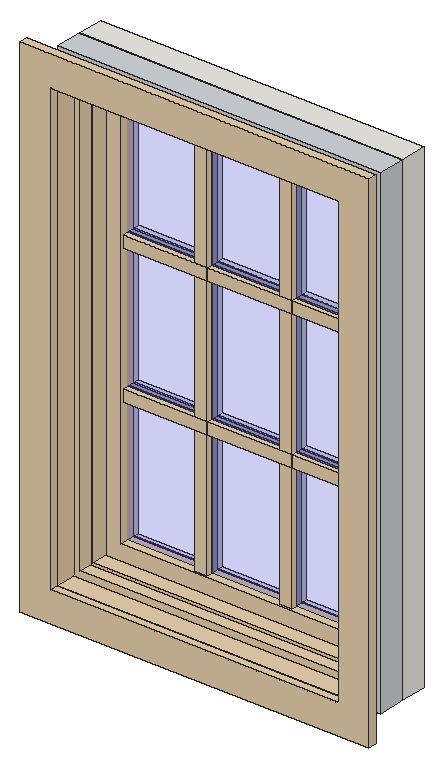
Revit family "Window-Casement_Fixed-Andersen-E_Series 2", category Windows, host Wall, Revit 2013 (continued)
Dimensions and locks (in)
  aligned and locked: plane 8 "L Glazing" to Extrusion 10 sketch curve
  aligned and locked: Extrusion 10 sketch curve to plane 18 "R Glazing"
  aligned and locked: plane 50 "Glass1 S1" to Extrusion 10
  aligned and locked: Extrusion 10 to plane 53 "Glass1 S4"
  aligned and locked: plane 17 "L Casing 4" to curve 44
  aligned and locked: curve 44 to plane 49 "Flange"
  aligned and locked: plane 27 "R Casing 4" to curve 45
  aligned and locked: curve 45 to plane 49 "Flange"
  aligned and locked: plane 37 "T Casing 4" to curve 46
  aligned and locked: plane 49 "Flange" to curve 46
  aligned and locked: plane 43 "B Casing 2" to curve 47
  aligned and locked: curve 47 to plane 49 "Flange"
  aligned and locked: nested 1 to plane 29 "T Glazing"
  aligned and locked: nested 1 to plane 3 "Center (Left/Right)"
  aligned and locked: plane 8 "L Glazing" to nested 2
  aligned and locked: nested 3 to plane 29 "T Glazing"
  aligned and locked: plane 8 "L Glazing" to nested 4
  aligned and locked: nested 5 to plane 29 "T Glazing"
  aligned and locked: plane 8 "L Glazing" to nested 6
  aligned and locked: plane 8 "L Glazing" to nested 7
  aligned and locked: Extrusion 5 sketch curve to plane 49 "Flange"
  aligned and locked: host wall to Masking region 11 sketch curve
  aligned and locked: plane 4 "R Frame" to Masking region 11 sketch curve
  aligned and locked: Masking region 11 sketch curve to plane 5 "L Frame"
  aligned and locked: plane 57 "Exterior Offset" to Masking region 11 sketch curve
  aligned and locked: plane 27 "R Casing 4" to Masking region 11 sketch curve
  aligned and locked: Masking region 11 sketch curve to plane 17 "L Casing 4"
  aligned and locked: plane 39 "B Glazing" to Extrusion 8 sketch curve
  aligned and locked: plane 66 "Sash1 S1" to curve 15
  aligned and locked: plane 66 "Sash1 S1" to Extrusion 9
  aligned and locked: plane 47 "Casing S2" to curve 6
  aligned and locked: plane 46 "Casing S1" to curve 42
  aligned and locked: host wall to curve 19
  aligned and locked: plane 7 "T Frame" to Extrusion 11 sketch curve
  aligned and locked: Extrusion 11 sketch curve to plane 4 "R Frame"
  aligned and locked: Extrusion 11 sketch curve to plane 6 "B Frame"
  aligned and locked: plane 5 "L Frame" to Extrusion 11 sketch curve
  aligned and locked: plane 30 "T Ext Frame" to Extrusion 11 sketch curve
  aligned and locked: Extrusion 11 sketch curve to plane 19 "R Ext Frame"
  aligned and locked: plane 9 "L Ext Frame" to Extrusion 11 sketch curve
  aligned and locked: Extrusion 11 sketch curve to plane 40 "B Ext Frame"
  aligned and locked: plane 48 "Frame S1" to Extrusion 11
  aligned and locked: Extrusion 10 sketch curve to plane 39 "B Glazing"
  aligned and locked: plane 39 "B Glazing" to curve 28
  aligned and locked: plane 39 "B Glazing" to curve 27
  aligned and locked: plane 39 "B Glazing" to curve 29
  aligned and locked: plane 39 "B Glazing" to curve 26
  aligned and locked: plane 39 "B Glazing" to Extrusion 9 sketch curve
  aligned and locked: plane 49 "Flange" to curve 48
  aligned and locked: curve 86 to plane 49 "Flange"
  aligned and locked: curve 19 to plane 20 "R Stop"
  aligned and locked: plane 68 "L Sash" to curve 18
  aligned and locked: plane 55 "Frame S2" to Masking region 1 sketch curve
  aligned and locked: plane 69 "Stop S1" to curve 106
  aligned and locked: plane 69 "Stop S1" to curve 105
  aligned and locked: Masking region 1 sketch curve to plane 55 "Frame S2"
  aligned and locked: plane 49 "Flange" to curve 144
  aligned and locked: plane 69 "Stop S1" to Masking region 4 sketch curve
  aligned and locked: plane 55 "Frame S2" to Masking region 4 sketch curve
  aligned and locked: Masking region 4 sketch curve to plane 55 "Frame S2"
  aligned and locked: plane 71 "T Sash" to Extrusion 9 sketch curve
  aligned and locked: plane 68 "L Sash" to Extrusion 9 sketch curve
  aligned and locked: Extrusion 9 sketch curve to plane 67 "R Sash"
  aligned and locked: plane 70 "B Sash" to Extrusion 9 sketch curve
  aligned and locked: Extrusion 8 sketch curve to plane 71 "T Sash"
  aligned and locked: Extrusion 8 sketch curve to plane 68 "L Sash"
  aligned and locked: plane 67 "R Sash" to Extrusion 8 sketch curve
  aligned and locked: plane 70 "B Sash" to Extrusion 8 sketch curve
  aligned and locked: Extrusion 11 to plane 54 "Sash1 S2"
  aligned and locked: plane 72 "T Int Frame" to Extrusion 12 sketch curve
  aligned and locked: plane 74 "L Int Frame" to Extrusion 12 sketch curve
  aligned and locked: Extrusion 12 sketch curve to plane 75 "R Int Frame"
  aligned and locked: Extrusion 12 sketch curve to plane 73 "B Int Frame"
  aligned and locked: Extrusion 12 sketch curve to plane 6 "B Frame"
  aligned and locked: Extrusion 12 sketch curve to plane 4 "R Frame"
  aligned and locked: plane 7 "T Frame" to Extrusion 12 sketch curve
  aligned and locked: plane 5 "L Frame" to Extrusion 12 sketch curve
  aligned and locked: plane 54 "Sash1 S2" to Extrusion 12
  aligned and locked: Extrusion 12 to plane 55 "Frame S2"
  aligned and locked: Masking region 1 sketch curve to plane 75 "R Int Frame"
  aligned and locked: Masking region 1 sketch curve to plane 74 "L Int Frame"
  aligned and locked: plane 7 "T Frame" to Sweep 13 sketch curve
  aligned and locked: plane 5 "L Frame" to Sweep 13 sketch curve
  aligned and locked: Sweep 13 sketch curve to plane 6 "B Frame"
  aligned and locked: Sweep 13 sketch curve to plane 4 "R Frame"
  aligned and locked: Sweep 13 sketch curve to plane 55 "Frame S2"
  aligned and locked: plane 65 "Xjamb S1" to Extrusion 3
  aligned and locked: host wall to Extrusion 3
  aligned and locked: Masking region 4 sketch curve to plane 72 "T Int Frame"
  aligned and locked: Masking region 4 sketch curve to plane 73 "B Int Frame"
  aligned and locked: plane 18 "R Glazing" to curve 56
  aligned and locked: plane 8 "L Glazing" to curve 94
  aligned and locked: plane 76 "T Stop" to curve 38
  aligned and locked: plane 10 "L Stop" to curve 41
  aligned and locked: curve 40 to plane 77 "B Stop"
  aligned and locked: curve 39 to plane 20 "R Stop"
  aligned and locked: plane 72 "T Int Frame" to curve 146
  aligned and locked: curve 147 to plane 75 "R Int Frame"
  aligned and locked: plane 74 "L Int Frame" to curve 149
  aligned and locked: curve 148 to plane 73 "B Int Frame"
  aligned and locked: curve 32 to plane 70 "B Sash"
  aligned and locked: plane 68 "L Sash" to curve 31
  aligned and locked: plane 71 "T Sash" to curve 30
  aligned and locked: curve 33 to plane 67 "R Sash"
  aligned and locked: plane 29 "T Glazing" to curve 142
  aligned and locked: plane 4 "R Frame" to curve 156
  aligned and locked: plane 5 "L Frame" to curve 156
  aligned and locked: host wall to curve 156
  aligned and locked: Masking region 12 sketch curve to plane 65 "Xjamb S1"  (x2)
  aligned and locked: Masking region 12 sketch curve to Sweep 13  (x3)
  aligned and locked: Masking region 12 sketch curve to plane 72 "T Int Frame"
  aligned and locked: Masking region 12 sketch curve to plane 69 "Stop S1"
  aligned and locked: plane 73 "B Int Frame" to Masking region 12 sketch curve
  aligned and locked: Masking region 13 sketch curve to plane 33 "T Xjamb 2"
  aligned and locked: plane 65 "Xjamb S1" to Masking region 13 sketch curve  (x2)
  aligned and locked: plane 72 "T Int Frame" to Masking region 13 sketch curve
  aligned and locked: plane 69 "Stop S1" to Masking region 13 sketch curve
  aligned and locked: Masking region 13 sketch curve to plane 73 "B Int Frame"
  aligned and locked: plane 41 "B Xjamb 2" to Masking region 13 sketch curve
  aligned and locked: host wall to Masking region 13 sketch curve
  aligned and locked: host wall to Masking region 14 sketch curve
  aligned and locked: Masking region 14 sketch curve to plane 44 "B Int Casing"
  aligned and locked: plane 58 "Interior Casing" to Masking region 14 sketch curve
  aligned and locked: plane 38 "T Int Casing" to Masking region 14 sketch curve
  aligned and locked: plane 65 "Xjamb S1" to curve 160
  aligned and locked: Sweep 13 to curve 160
  aligned and locked: plane 73 "B Int Frame" to curve 160
  aligned and locked: plane 65 "Xjamb S1" to curve 161
  aligned and locked: host wall to curve 161
  aligned and locked: plane 56 "B Xjamb 1" to curve 161
  aligned and locked: plane 58 "Interior Casing" to curve 162
  aligned and locked: plane 56 "B Xjamb 1" to curve 162
  aligned and locked: plane 65 "Xjamb S1" to curve 157
  aligned and locked: Sweep 13 to curve 157
  aligned and locked: plane 72 "T Int Frame" to curve 157
  aligned and locked: plane 65 "Xjamb S1" to curve 158
  aligned and locked: host wall to curve 158
  aligned and locked: plane 31 "T Xjamb 1" to curve 158
  aligned and locked: plane 58 "Interior Casing" to curve 159
  aligned and locked: plane 31 "T Xjamb 1" to curve 159
  aligned and locked: Masking region 15 sketch curve to plane 65 "Xjamb S1"  (x2)
  aligned and locked: plane 75 "R Int Frame" to Masking region 15 sketch curve
  aligned and locked: Masking region 15 sketch curve to plane 69 "Stop S1"
  aligned and locked: Masking region 15 sketch curve to plane 74 "L Int Frame"
  aligned and locked: Masking region 15 sketch curve to Sweep 13  (x3)
  aligned and locked: Masking region 16 sketch curve to plane 65 "Xjamb S1"  (x2)
  aligned and locked: plane 75 "R Int Frame" to Masking region 16 sketch curve
  aligned and locked: Masking region 16 sketch curve to plane 69 "Stop S1"
  aligned and locked: Masking region 16 sketch curve to plane 74 "L Int Frame"
  aligned and locked: plane 13 "L Xjamb 2" to Masking region 16 sketch curve
  aligned and locked: Masking region 16 sketch curve to host wall
  aligned and locked: Masking region 16 sketch curve to plane 23 "R Xjamb 2"
  aligned and locked: host wall to Masking region 17 sketch curve
  aligned and locked: plane 45 "L Int Casing" to Masking region 17 sketch curve
  aligned and locked: plane 58 "Interior Casing" to Masking region 17 sketch curve
  aligned and locked: Masking region 17 sketch curve to plane 28 "R Int Casing"
  aligned and locked: plane 65 "Xjamb S1" to curve 166
  aligned and locked: Sweep 13 to curve 166
  aligned and locked: plane 74 "L Int Frame" to curve 166
  aligned and locked: plane 65 "Xjamb S1" to curve 167
  aligned and locked: host wall to curve 167
  aligned and locked: plane 11 "L Xjamb 1" to curve 167
  aligned and locked: plane 58 "Interior Casing" to curve 168
  aligned and locked: plane 11 "L Xjamb 1" to curve 168
  aligned and locked: plane 65 "Xjamb S1" to curve 163
  aligned and locked: Sweep 13 to curve 163
  aligned and locked: plane 75 "R Int Frame" to curve 163
  aligned and locked: plane 65 "Xjamb S1" to curve 164
  aligned and locked: host wall to curve 164
  aligned and locked: plane 21 "R Xjamb 1" to curve 164
  aligned and locked: plane 58 "Interior Casing" to curve 165
  aligned and locked: plane 21 "R Xjamb 1" to curve 165
  aligned and locked: Sweep 14 sketch curve to plane 7 "T Frame"
  aligned and locked: Sweep 14 sketch curve to plane 5 "L Frame"
  aligned and locked: plane 4 "R Frame" to Sweep 14 sketch curve
  aligned and locked: plane 6 "B Frame" to Sweep 14 sketch curve
  aligned and locked: plane 54 "Sash1 S2" to Sweep 14 sketch curve
  aligned and locked: Sweep 14 sketch curve to plane 74 "L Int Frame"
  aligned and locked: Sweep 14 sketch curve to plane 69 "Stop S1"
  aligned and locked: plane 10 "L Stop" to Sweep 14 sketch curve
  aligned and locked: Sweep 14 sketch curve to curve 154
  aligned and locked: Sweep 14 sketch curve to curve 155
  aligned and locked: plane 10 "L Stop" to curve 17
  aligned and locked: plane 66 "Sash1 S1" to curve 14
  aligned and locked: plane 20 "R Stop" to curve 13
  aligned and locked: plane 6 "B Frame" to curve 145
  aligned and locked: plane 49 "Flange" to curve 145
Automatic sketch dimensions
  curve 42 to curve 42 = 0' - 0 3/8"
  curve 13 to curve 13 = 0' - 1 3/32"
  curve 51 to curve 53 = 0' - 0.15639"
  curve 53 to curve 151 = 0' - 0.99975"
  curve 150 to curve 150 = 0' - 0.18621"
  curve 50 to curve 58 = 0' - 0.47054"
  curve 57 to curve 55 = 0' - 0.35925"
  curve 61 to curve 60 = 0' - 0.53631"
  curve 76 to curve 77 = 0' - 0.26575"
  curve 60 to curve 59 = 0' - 0.08869"
  curve 48 to curve 51 = 0' - 2.09516"
  curve 48 to curve 51 = 0' - 0.59516"
  curve 51 to curve 54 = 0' - 0.18874"
  curve 52 to curve 50 = 0' - 0 5/8"
  curve 82 to curve 59 = 0' - 0.12475"
  curve 82 to curve 80 = 0' - 0.12475"
  curve 82 to curve 81 = 0' - 0.12475"
  curve 50 to curve 52 = 0' - 1.19075"
  curve 52 to curve 61 = 0' - 0.07999"
  curve 60 to curve 60 = 0' - 0.50301"
  curve 59 to curve 58 = 0' - 0 5/8"
  curve 56 to curve 77 = 0' - 0.13662"
  curve 56 to curve 76 = 0' - 0.13987"
  curve 52 to curve 51 = 0' - 1.4575"
  curve 53 to curve 54 = 0' - 0 1/8"
  curve 151 to curve 150 = 0' - 1"
  curve 49 to curve 151 = 0' - 0"
  curve 59 to curve 82 = 0' - 0 1/8"
  curve 48 to curve 51 = 0' - 0.58075"
  curve 80 to curve 56 = 0' - 0 1/8"
  curve 54 to curve 51 = 0' - 0.35675"
  curve 65 to curve 67 = 0' - 0.15639"
  curve 67 to curve 153 = 0' - 0.99975"
  curve 152 to curve 152 = 0' - 0.18621"
  curve 64 to curve 72 = 0' - 0.47054"
  curve 71 to curve 69 = 0' - 0.35925"
  curve 75 to curve 74 = 0' - 0.53631"
  curve 78 to curve 79 = 0' - 0.26575"
  curve 74 to curve 73 = 0' - 0.08869"
  curve 62 to curve 65 = 0' - 2.09516"
  curve 62 to curve 65 = 0' - 0.59516"
  curve 65 to curve 68 = 0' - 0.18874"
  curve 66 to curve 64 = 0' - 0 5/8"
  curve 85 to curve 73 = 0' - 0.12475"
  curve 85 to curve 83 = 0' - 0.12475"
  curve 85 to curve 84 = 0' - 0.12475"
  curve 64 to curve 66 = 0' - 1.19075"
  curve 66 to curve 75 = 0' - 0.07999"
  curve 74 to curve 74 = 0' - 0.50301"
  curve 73 to curve 72 = 0' - 0 5/8"
  curve 70 to curve 79 = 0' - 0.13662"
  curve 70 to curve 78 = 0' - 0.13987"
  curve 66 to curve 65 = 0' - 1.4575"
  curve 67 to curve 68 = 0' - 0 1/8"
  curve 153 to curve 152 = 0' - 1"
  curve 63 to curve 153 = 0' - 0"
  curve 73 to curve 85 = 0' - 0 1/8"
  curve 62 to curve 65 = 0' - 0.58075"
  curve 83 to curve 70 = 0' - 0 1/8"
  curve 68 to curve 65 = 0' - 0.35675"
  curve 89 to curve 91 = 0' - 0.15639"
  curve 91 to curve 155 = 0' - 0.99975"
  curve 154 to curve 154 = 0' - 0.18621"
  curve 88 to curve 96 = 0' - 0.47054"
  curve 95 to curve 93 = 0' - 0.35925"
  curve 99 to curve 98 = 0' - 0.53631"
  curve 100 to curve 101 = 0' - 0.26575"
  curve 98 to curve 97 = 0' - 0.08869"
  curve 86 to curve 89 = 0' - 2.09516"
  curve 86 to curve 89 = 0' - 0.59516"
  curve 89 to curve 92 = 0' - 0.18874"
  curve 90 to curve 88 = 0' - 0 5/8"
  curve 104 to curve 97 = 0' - 0.12475"
  curve 104 to curve 102 = 0' - 0.12475"
  curve 104 to curve 103 = 0' - 0.12475"
  curve 90 to curve 88 = 0' - 1.19075"
  curve 99 to curve 90 = 0' - 0.07999"
  curve 98 to curve 98 = 0' - 0.50301"
  curve 96 to curve 97 = 0' - 0 5/8"
  curve 101 to curve 94 = 0' - 0.13662"
  curve 100 to curve 94 = 0' - 0.13987"
  curve 89 to curve 90 = 0' - 1.4575"
  curve 92 to curve 91 = 0' - 0 1/8"
  curve 154 to curve 155 = 0' - 1"
  curve 87 to curve 155 = 0' - 0"
  curve 104 to curve 97 = 0' - 0 1/8"
  curve 89 to curve 86 = 0' - 0.58075"
  curve 94 to curve 102 = 0' - 0 1/8"
  curve 89 to curve 92 = 0' - 0.35675"
  curve 169 to curve 108 = 0' - 1.19075"
  curve 110 to curve 136 = 0' - 0.09099"
  curve 135 to curve 135 = 0' - 0.49201"
  curve 112 to curve 142 = 0' - 0 5/8"
  curve 142 to curve 142 = 0' - 0.14199"
  curve 108 to curve 115 = 0' - 1.4575"
  curve 141 to curve 141 = 0' - 0.1455"
  curve 140 to curve 113 = 0' - 0.08701"
  curve 169 to curve 169 = 0' - 0.9995"
  curve 108 to curve 169 = 0' - 0"
  curve 112 to curve 138 = 0' - 0 1/8"
  curve 144 to curve 107 = 0' - 0.58025"
  curve 139 to curve 142 = 0' - 0 1/8"
  curve 113 to curve 107 = 0' - 0.35725"
  curve 135 to curve 142 = 0' - 0"
  curve 112 to curve 135 = 0' - 0.08675"
  curve 141 to curve 140 = 0' - 0.27644"
  curve 135 to curve 111 = 0' - 0.54869"
  curve 110 to curve 170 = 0' - 0.70831"
  curve 110 to curve 110 = 0' - 1.08331"
  curve 108 to curve 113 = 0' - 0 9/16"
  curve 114 to curve 115 = 0' - 0.15451"
  curve 137 to curve 142 = 0' - 0"
  curve 112 to curve 138 = 0' - 0"
  curve 137 to curve 139 = 0' - 0.13544"
  curve 110 to curve 109 = 0' - 0.52131"
  curve 113 to curve 107 = 0' - 0.18689"
  curve 107 to curve 144 = 0' - 0.59549"
  curve 144 to curve 144 = 0' - 1 5/8"
  curve 106 to plane 20 "R Stop" = 0' - 0"
  curve 105 to plane 10 "L Stop" = 0' - 0"
  curve 106 to plane 54 "Sash1 S2" = 0' - 0"
  curve 116 to curve 120 = 0' - 1.18575"
  curve 120 to curve 127 = 0' - 0.07999"
  curve 126 to curve 127 = 0' - 0.50301"
  curve 125 to curve 131 = 0' - 0 5/8"
  curve 131 to curve 132 = 0' - 0.13649"
  curve 120 to curve 119 = 0' - 1.4575"
  curve 132 to curve 134 = 0' - 0.14"
  curve 133 to curve 134 = 0' - 0.09801"
  curve 171 to curve 117 = 0' - 1.0045"
  curve 118 to curve 171 = 0' - 0"
  curve 125 to curve 129 = 0' - 0 1/8"
  curve 128 to curve 131 = 0' - 0 1/8"
  curve 122 to curve 119 = 0' - 0.35725"
  curve 119 to curve 123 = 0' - 0.15426"
  curve 123 to curve 117 = 0' - 0.93775"
  curve 117 to curve 116 = 0' - 0 3/16"
  curve 116 to curve 121 = 0' - 0 17/32"
  curve 121 to curve 133 = 0' - 0.359"
  curve 126 to curve 127 = 0' - 0.53631"
  curve 133 to curve 133 = 0' - 0.266"
  curve 126 to curve 125 = 0' - 0.08869"
  curve 145 to curve 119 = 0' - 2.22049"
  curve 145 to curve 119 = 0' - 0.59549"
  curve 119 to curve 122 = 0' - 0.18664"
  curve 130 to curve 131 = 0' - 0 1/8"
  curve 130 to curve 128 = 0' - 0 1/8"
  curve 125 to curve 129 = 0' - 0"
  curve 120 to curve 116 = 0' - 0 9/16"
  curve 145 to curve 119 = 0' - 0.58025"
  curve 172 to curve 176 = 0' - 1.18575"
  curve 176 to curve 183 = 0' - 0.07999"
  curve 182 to curve 183 = 0' - 0.50301"
  curve 181 to curve 187 = 0' - 0 5/8"
  curve 187 to curve 188 = 0' - 0.13649"
  curve 176 to curve 175 = 0' - 1.4575"
  curve 188 to curve 190 = 0' - 0.14"
  curve 189 to curve 190 = 0' - 0.09801"
  curve 192 to curve 173 = 0' - 1.0045"
  curve 174 to curve 192 = 0' - 0"
  curve 181 to curve 185 = 0' - 0 1/8"
  curve 184 to curve 187 = 0' - 0 1/8"
  curve 178 to curve 175 = 0' - 0.35725"
  curve 175 to curve 179 = 0' - 0.15426"
  curve 179 to curve 173 = 0' - 0.93775"
  curve 173 to curve 172 = 0' - 0 3/16"
  curve 172 to curve 177 = 0' - 0 17/32"
  curve 177 to curve 189 = 0' - 0.359"
  curve 182 to curve 183 = 0' - 0.53631"
  curve 189 to curve 189 = 0' - 0.266"
  curve 182 to curve 181 = 0' - 0.08869"
  curve 191 to curve 175 = 0' - 2.22049"
  curve 191 to curve 175 = 0' - 0.59549"
  curve 175 to curve 178 = 0' - 0.18664"
  curve 186 to curve 187 = 0' - 0 1/8"
  curve 186 to curve 184 = 0' - 0 1/8"
  curve 181 to curve 185 = 0' - 0"
  curve 176 to curve 172 = 0' - 0 9/16"
  curve 191 to curve 175 = 0' - 0.58025"
  curve 212 to curve 194 = 0' - 1.19075"
  curve 196 to curve 203 = 0' - 0.09099"
  curve 202 to curve 202 = 0' - 0.49201"
  curve 198 to curve 209 = 0' - 0 5/8"
  curve 209 to curve 209 = 0' - 0.14199"
  curve 194 to curve 201 = 0' - 1.4575"
  curve 208 to curve 208 = 0' - 0.1455"
  curve 207 to curve 199 = 0' - 0.08701"
  curve 212 to curve 212 = 0' - 0.9995"
  curve 194 to curve 212 = 0' - 0"
  curve 198 to curve 205 = 0' - 0 1/8"
  curve 211 to curve 193 = 0' - 0.58025"
  curve 206 to curve 209 = 0' - 0 1/8"
  curve 199 to curve 193 = 0' - 0.35725"
  curve 202 to curve 209 = 0' - 0"
  curve 198 to curve 202 = 0' - 0.08675"
  curve 208 to curve 207 = 0' - 0.27644"
  curve 202 to curve 197 = 0' - 0.54869"
  curve 196 to curve 213 = 0' - 0.70831"
  curve 196 to curve 196 = 0' - 1.08331"
  curve 194 to curve 199 = 0' - 0 9/16"
  curve 200 to curve 201 = 0' - 0.15451"
  curve 204 to curve 209 = 0' - 0"
  curve 198 to curve 205 = 0' - 0"
  curve 204 to curve 206 = 0' - 0.13544"
  curve 196 to curve 195 = 0' - 0.52131"
  curve 199 to curve 193 = 0' - 0.18689"
  curve 193 to curve 211 = 0' - 0.59549"
  curve 211 to curve 211 = 0' - 1 5/8"
  curve 105 to plane 54 "Sash1 S2" = 0' - 0"
  curve 13 to plane 54 "Sash1 S2" = 0' - 0"
  curve 5 to plane 22 "R Casing 1" = 0' - 0"
  curve 14 to plane 48 "Frame S1" = 0' - 0"
  curve 6 to plane 48 "Frame S1" = 0' - 0"
  curve 42 to plane 4 "R Frame" = 0' - 0"
  curve 42 to plane 48 "Frame S1" = 0' - 0"
  curve 14 to plane 67 "R Sash" = 0' - 0"
  host wall to curve 20 = 0' - 0"
Nested families (in)
  nested 1: "Andersen Grille Bar" at (0, 1.89325, 64.25) x (-1, 0, 0) z (0, 1, 0), Center Line <- "Bar Center Line", Bar Length <- "TS V Bar Length", Bar Width <- "Grille Bar Size", visible <- "TS S V", type "Andersen Grille Bar"
    with Glass / 2 0' - 0 1/8", Glass 0' - 0 5/8", Center Line Length 2' - 5 15/16", Center Line 2, Bar Width 0' - 0 7/8", Bar Length 2' - 5 15/16"
  nested 2: "Andersen Grille Bar" at (0, 1.89325, 64.25) x (0, 0, -1) z (0, 1, 0), Bar Length <- "H DLO", visible <- "TS S H", Bar Width <- "Horizontal Craftsman Bar Size", type "Andersen Grille Bar"
    with Glass / 2 0' - 0 1/8", Glass 0' - 0 5/8", Center Line Length 1' - 5 15/16", Center Line 2, Bar Width 0' - 0 7/8", Bar Length 1' - 5 15/16"
  nested 3: "Andersen Grille Bar" at (3.13542, 1.89325, 64.25) x (-1, 0, 0) z (0, 1, 0), Center Line <- "Bar Center Line", Bar Length <- "TS V Bar Length", Bar Width <- "Grille Bar Size", visible <- "TS M V", type "Andersen Grille Bar"
    with Glass / 2 0' - 0 1/8", Glass 0' - 0 5/8", Center Line Length 2' - 5 15/16", Center Line 2, Bar Width 0' - 0 7/8", Bar Length 2' - 5 15/16"
  nested 4: "Andersen Grille Bar" at (0, 1.89325, 59.11458) x (0, 0, -1) z (0, 1, 0), Center Line <- "Bar Center Line", Bar Length <- "H DLO", visible <- "TS M H", Bar Width <- "Grille Bar Size", type "Andersen Grille Bar"
    with Glass / 2 0' - 0 1/8", Glass 0' - 0 5/8", Center Line Length 1' - 5 15/16", Center Line 2, Bar Width 0' - 0 7/8", Bar Length 1' - 5 15/16"
  nested 5: "Andersen Grille Bar" at (-3.13542, 1.89325, 64.25) x (-1, 0, 0) z (0, 1, 0), Center Line <- "Bar Center Line", Bar Length <- "TS V Bar Length", Bar Width <- "Grille Bar Size", visible <- "TS M V", type "Andersen Grille Bar"
    with Glass / 2 0' - 0 1/8", Glass 0' - 0 5/8", Center Line Length 2' - 5 15/16", Center Line 2, Bar Width 0' - 0 7/8", Bar Length 2' - 5 15/16"
  nested 6: "Andersen Grille Bar" at (0, 1.89325, 69.38542) x (0, 0, -1) z (0, 1, 0), Center Line <- "Bar Center Line", Bar Length <- "H DLO", visible <- "TS M H", Bar Width <- "Grille Bar Size", type "Andersen Grille Bar"
    with Glass / 2 0' - 0 1/8", Glass 0' - 0 5/8", Center Line Length 1' - 5 15/16", Center Line 2, Bar Width 0' - 0 7/8", Bar Length 1' - 5 15/16"
  nested 7: "Andersen Grille Bar" at (0, 1.89325, 64.25) x (0, 0, -1) z (0, 1, 0), Bar Length <- "H DLO", visible <- "TS S H Craftsman", Bar Width <- "Grille Bar Size", type "Andersen Grille Bar"
    with Glass / 2 0' - 0 1/8", Glass 0' - 0 5/8", Center Line Length 1' - 5 15/16", Center Line 2, Bar Width 0' - 0 7/8", Bar Length 1' - 5 15/16"
Definition of nested family "Andersen Grille Bar"
  Parameters (values of type "Andersen Grille Bar")
    Interior Bar Visibility = yes
    Interior Bar Material = none
    Glass / 2 [instance] = (Glass / 2) - 0' 0 3/16"  # 0' - 0 1/8"
    Glass [instance] = 0' - 0 5/8"
    Exterior Bar Visibility = yes
    Exterior Bar Finish = none
    Default Elevation = 4' - 0"
    Center Line Length [instance] = if(Center Line = 1, Bar Length + (Bar Width / 2), Bar Length)  # 0' - 4 7/16"
    Center Line [instance] = 1
    Between Glass Bar Visibility = yes
    Between Glass Bar Finish = none
    Bar Width [instance] = 0' - 0 7/8"
    Bar Length [instance] = 0' - 4"
  Reference planes (in)
    plane 1 "Center (Front/Back)": y = 0
    plane 2 "a": z = 0
    plane 3 "Center (Left/Right)": x = 0
    plane 4 "1": x = -0.4375
    plane 5 "2": x = 0.4375
    plane 6: y = 2
    plane 7: y = -2
    plane 8 "b": z = -0.625
    plane 9: z = -0.125
    plane 10: y = -2.4375
    plane 11 "a1": z = 12
    plane 12 "a2": z = -12
  Forms (in)
    Extrusion 1, solid
      sketch origin (0, 0, 0) x (1, 0, 0) y (0, 1, 0)
        loop
          line (-48, 48) -> (-48, -48) -> (48, -48) -> (48, 48) -> (-48, 48)
      from 0 to -12
    Extrusion 2, solid, material <- "Exterior Bar Finish", visible <- "Exterior Bar Visibility", detail levels fine
      sketch origin (0, 0, 0) x (1, 0, 0) y (0, 1, 0)
        loop
          line (-0.4375, 2) -> (-0.4375, -2) -> (0.4375, -2) -> (0.4375, 2) -> (-0.4375, 2)
      from 0 to 0.375
    Extrusion 3, solid, material <- "Between Glass Bar Finish", visible <- "Between Glass Bar Visibility", detail levels fine
      sketch origin (0, 0, 0) x (1, 0, 0) y (0, 1, 0)
        loop
          line (-0.4375, 2) -> (-0.4375, -2) -> (0.4375, -2) -> (0.4375, 2) -> (-0.4375, 2)
      from -0.5 to -0.125
    Extrusion 4, solid, material <- "Interior Bar Material", visible <- "Interior Bar Visibility", detail levels fine
      sketch origin (0, 0, 0) x (1, 0, 0) y (0, 1, 0)
        loop
          line (-0.4375, 2) -> (-0.4375, -2) -> (0.4375, -2) -> (0.4375, 2) -> (-0.4375, 2)
      from -1 to -0.625
  Lines and regions (in)
    model lines, style "GenericModel", detail levels coarse+medium
      curve 1: line (0, 2, 0) -> (0, -2.4375, 0)
    symbolic lines, style "GenericModel", detail levels coarse+medium
      curve 2: line (0, 2, 12) -> (0, -2.4375, 12)
      curve 3: line (0, 2, -12) -> (0, -2.4375, -12)
    model lines, style "InvisibleLines", not visible, detail levels coarse
      curve 4: line (0, 0, 12) -> (0, 0, -12)
    symbolic lines, detail levels fine
      curve 5: line (-0.4375, 2, 0) -> (-0.4375, -2, 0)
      curve 6: line (0.4375, 2, 0) -> (0.4375, -2, 0)
  Dimensions and locks (in)
    "Glass": plane 2 "a" to plane 8 "b"
    "Glass / 2": plane 2 "a" to plane 9
    locked: Extrusion 2 to Extrusion 2 at 0.375
    locked: plane 9 to Extrusion 3 at 0.375
    locked: plane 8 "b" to Extrusion 4 at 0.375
    equal spacing: plane 4 "1", plane 3 "Center (Left/Right)", plane 5 "2"
    equal spacing: plane 6, plane 1 "Center (Front/Back)", plane 7
    "Bar Width": plane 4 "1" to plane 5 "2"
    "Bar Length": plane 6 to plane 7
    "Center Line Length": plane 6 to plane 10
    locked: plane 11 "a1" to plane 2 "a" at 12
    locked: plane 2 "a" to plane 12 "a2" at 12
    aligned and locked: plane 2 "a" to Extrusion 1
    aligned and locked: level to Extrusion 1
    aligned and locked: Extrusion 2 to plane 2 "a"
    aligned and locked: Extrusion 2 to plane 4 "1"
    aligned and locked: plane 5 "2" to Extrusion 2
    aligned and locked: plane 6 to Extrusion 2
    aligned and locked: Extrusion 2 to plane 7
    aligned and locked: plane 9 to Extrusion 3
    aligned and locked: Extrusion 3 to plane 4 "1"
    aligned and locked: plane 5 "2" to Extrusion 3
    aligned and locked: plane 6 to Extrusion 3
    aligned and locked: Extrusion 3 to plane 7
    aligned and locked: plane 8 "b" to Extrusion 4
    aligned and locked: Extrusion 4 to plane 4 "1"
    aligned and locked: plane 5 "2" to Extrusion 4
    aligned and locked: plane 6 to Extrusion 4
    aligned and locked: Extrusion 4 to plane 7
    aligned and locked: plane 6 to curve 1
    aligned and locked: plane 10 to curve 1
    aligned and locked: curve 1 to plane 3 "Center (Left/Right)"
    aligned and locked: plane 6 to curve 2
    aligned and locked: plane 10 to curve 2
    aligned and locked: curve 2 to plane 3 "Center (Left/Right)"
    aligned and locked: plane 6 to curve 3
    aligned and locked: plane 10 to curve 3
    aligned and locked: curve 3 to plane 3 "Center (Left/Right)"
    aligned and locked: plane 11 "a1" to curve 4
    aligned and locked: plane 12 "a2" to curve 4
    aligned and locked: curve 4 to plane 1 "Center (Front/Back)"
    aligned and locked: plane 6 to curve 5
    aligned and locked: plane 6 to curve 6
    aligned and locked: plane 7 to curve 6
    aligned and locked: plane 7 to curve 5
    aligned and locked: curve 5 to plane 4 "1"
    aligned and locked: curve 6 to plane 5 "2"
  Automatic sketch dimensions
    Extrusion 1 sketch curve to Extrusion 1 sketch curve = 8' - 0"  (x2)
    plane 7 to Extrusion 2 sketch curve = 0' - 0"
    Extrusion 2 sketch curve to plane 5 "2" = 0' - 0 7/8"
    Extrusion 2 sketch curve to plane 6 = 0' - 0"
    Extrusion 2 sketch curve to Extrusion 2 sketch curve = 0' - 0 7/8"
    plane 7 to Extrusion 3 sketch curve = 0' - 0"
    Extrusion 3 sketch curve to plane 5 "2" = 0' - 0 7/8"
    Extrusion 3 sketch curve to plane 6 = 0' - 0"
    Extrusion 3 sketch curve to Extrusion 3 sketch curve = 0' - 0 7/8"
    Extrusion 4 sketch curve to plane 7 = 0' - 0"
    Extrusion 4 sketch curve to plane 5 "2" = 0' - 0 7/8"
    Extrusion 4 sketch curve to plane 6 = 0' - 0"
    Extrusion 4 sketch curve to Extrusion 4 sketch curve = 0' - 0 7/8"
